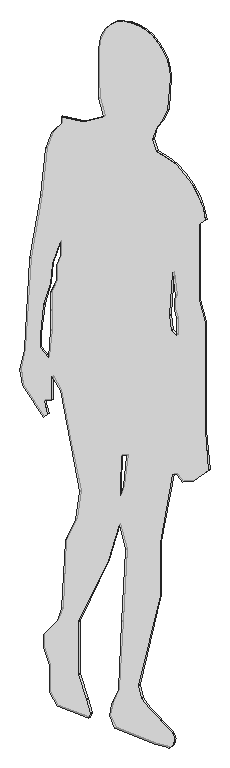
Revit family "Flat Girl 01", category Entourage, Revit 2015
Parameters
  Flat Material [instance] = none
  Height = 0 mm
Reference planes
  plane 1 "Center (Front/Back)": y = 0
  plane 2: z = 0
  plane 3 "Center (Left/Right)": x = 0
Forms (mm)
  Extrusion 1, solid, material <- "Flat Material"
    sketch origin (0, 0, 0) x (1, 0, 0) y (0, 0, 1)
      loop
        line (-155.389, 1373.339) -> (-155.389, 1356.955) -> (-166.656, 1345.06) -> (-180.047, 1326.903) -> (-196.167, 1284.827) -> (-208.847, 1170.837) -> (-236.695, 1015.612) -> (-251.201, 799.001) -> (-263.686, 747.234) -> (-256.754, 713.114) -> (-202.383, 657.425) -> (-190.66, 668.873) -> (-199.771, 698.211) -> (-180.211, 704.285) -> (-180.211, 761.632) -> (-158.657, 736.949) -> (-131.78, 623.344) -> (-107.26, 519.704) -> (-118.186, 450.931) -> (-144.605, 393.199) -> (-154.724, 231.716) -> (-166.15, 198.827) -> (-202.557, 154.518) -> (-202.557, 123.797) -> (-186.488, 88.356) -> (-186.488, 24.865) -> (-166.208, 0) -> (-83.791, 0) -> (-78.945, 14.119) -> (-90.013, 42.778) -> (-109.933, 94.364) -> (-109.933, 216.587) -> (-33.896, 384.502) -> (-5.099, 478.497) -> (11.001, 425.595) -> (1.379, 255.876) -> (-8.25, 94.364) -> (-23.982, 56.544) -> (-30.793, 26.586) -> (-17.104, 0) -> (86.843, 0) -> (117.907, 3.06)
        arc (117.907, 3.06) -> (136.696, 19.197) -> (132.333, 43.578) r 24.961
        line (132.333, 43.578) -> (72.43, 79.085) -> (52.865, 93.958) -> (45.21, 121.592) -> (100.979, 350.424) -> (100.979, 473.309) -> (133.181, 644.394) -> (145.47, 644.394) -> (157.804, 633.607) -> (186.101, 645.571) -> (227.418, 685.339) -> (217.449, 774.902) -> (217.449, 1026.818) -> (202.073, 1071.343) -> (202.073, 1247.479) -> (219.61, 1264.699)
        arc (219.61, 1264.699) -> (175.032, 1343.657) -> (91.994, 1380.076) r 143.366
        line (91.994, 1380.076) -> (82.259, 1402.642) -> (91.181, 1432.04) -> (105.058, 1452.325) -> (120.894, 1485.332)
        arc (120.894, 1485.332) -> (125.499, 1524.109) -> (127.037, 1563.129) r 495.624
        arc (127.037, 1563.129) -> (34.002, 1656.317) -> (-59.338, 1563.434) r 93.188
        line (-59.338, 1563.434) -> (-59.338, 1493.494) -> (-58.291, 1449.411) -> (-45.389, 1412.698) -> (-96.769, 1382.902) -> (-155.389, 1373.339)
      loop
        line (-189.582, 802.311) -> (-183.267, 867.544) -> (-183.267, 912.603) -> (-182.744, 956.051) -> (-168.817, 987.963) -> (-168.817, 1022.781) -> (-158.114, 1049.38) -> (-158.114, 1082.151) -> (-178.318, 1024.124) -> (-183.695, 975.265) -> (-200.379, 920.399) -> (-209.556, 849.305) -> (-209.556, 818.584) -> (-189.582, 802.311)
      loop
        line (0.095, 640.43) -> (-2.14, 565.325) -> (-2.091, 548.173) -> (4.845, 569.608) -> (13.728, 644.865) -> (0.095, 640.43)
      loop
        line (133.324, 1111.657) -> (126.018, 1009.514) -> (131.588, 978.113) -> (144.143, 971.189) -> (144.143, 1010.102) -> (137.743, 1028.481) -> (137.743, 1049.09) -> (140.773, 1060.999) -> (133.324, 1111.657)
    from -2.5 to 2.5
Lines and regions (mm)
  model lines
    curve 1: line (0, 148, 0) -> (0, -152, 0)
Dimensions and locks
  aligned and locked: level to plane 2
